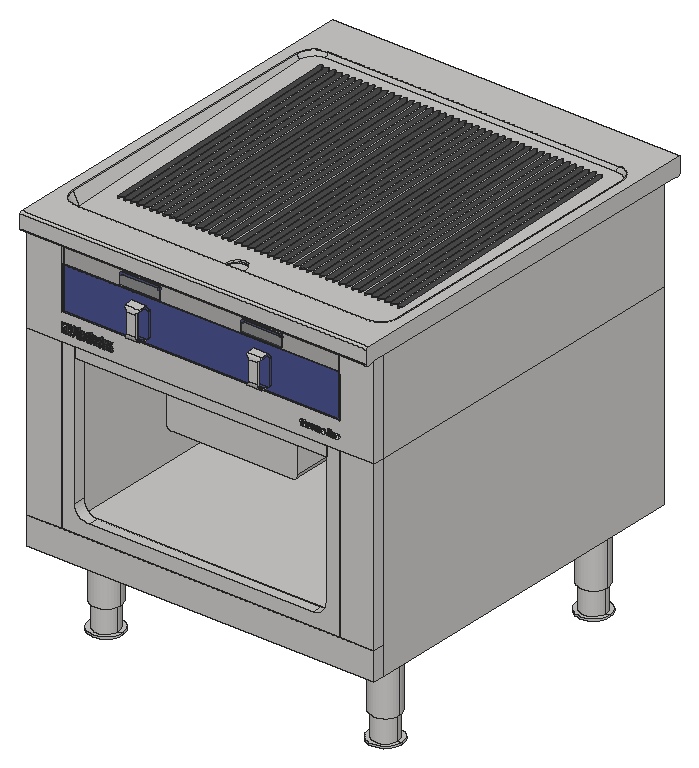
Revit family "QF_ELECTROLUXPROFESSIONAL_589839_MCH1EAH1DM", category Attrezzature speciali, Revit 2021 (continued)
Definition of nested family "Front_Panel_W800_2 Knobs"
  Definition of nested family "ELX_Professional_Logo_Small"
    Forms (mm)
      Extrusion 2, solid, material <- "Material_Logo"
        sketch origin (15.5, 0, 0) x (1, 0, 0) y (0, 1, 0)
          loop
            line (-74.986, -10.814) -> (-53.322, -10.814) -> (-53.322, 10.82) -> (-74.986, 10.82) -> (-74.986, -10.814)
          loop
            line (-61.261, 9.758) -> (-61.261, -9.707)
            arc (-61.261, -9.707) -> (-54.066, 0.025) -> (-61.261, 9.758) r 10.18
          loop
            line (-62.251, 8.349) -> (-62.251, 9.758)
            arc (-62.251, 9.758) -> (-70.347, 7.918) -> (-74.247, 0.59) r 9.976
            line (-74.247, 0.59) -> (-71.026, 0.59)
            arc (-71.026, 0.59) -> (-65.274, 2.925) -> (-62.251, 8.349) r 9.351
          loop
            arc (-74.247, -0.539) -> (-70.353, -7.928) -> (-62.251, -9.957) r 10.237
            line (-62.251, -9.957) -> (-62.251, -8.298)
            arc (-62.251, -8.298) -> (-65.274, -2.874) -> (-71.026, -0.539) r 9.351
            line (-71.026, -0.539) -> (-74.247, -0.539)
        from 0 to 1.644
    Dimensions and locks
      aligned and locked: plane 2 to Extrusion 1
      aligned and locked: level to Extrusion 1
Definition of nested family "Rib_D12"
  Parameters
    Show Clearance [instance] = yes
    Model = ""
    Lenght [instance] = 588 mm
    Default Elevation = 0 mm
  Reference planes
    plane 1 "Center (Front/Back)": y = -11.07
    plane 2: z = 0
    plane 3 "Center (Left/Right)": x = 0
    plane 4 "Back": y = 282.93
    plane 5 "Front": y = -305.07
  Forms (mm)
    Extrusion 1, solid
      sketch origin (0, -919.2, 0) x (1, 0, 0) y (0, 1, 0)
        loop
          line (-198.75, 1399.2) -> (-198.75, 386.445) -> (165.741, 386.445) -> (165.741, 1399.2) -> (-198.75, 1399.2)
      from 0 to -59.546
    Extrusion 2, solid
      sketch origin (0, -11.07, -267.484) x (1, 0, 0) y (0, 0, 1)
        loop
          line (-6, 267.484) -> (6, 267.484)
          arc (6, 267.484) -> (0, 269.184) -> (-6, 267.484) r 11.438
      from -294 to 294
    Extrusion 3, void
      sketch origin (0, 0, 0) x (1, 0, 0) y (0, 1, 0)
        loop
          line (-6, 274.93) -> (-2.484, 281.02)
          arc (-2.484, 281.02) -> (0, 282.454) -> (2.484, 281.02) r 2.868
          line (2.484, 281.02) -> (6, 274.93) -> (6, 282.93) -> (-6, 282.93) -> (-6, 274.93)
        loop
          line (-6, -297.07) -> (-6, -305.07) -> (6, -305.07) -> (6, -297.07) -> (2.484, -303.16)
          arc (2.484, -303.16) -> (0, -304.594) -> (-2.484, -303.16) r 2.868
          line (-2.484, -303.16) -> (-6, -297.07)
      from 0 to 2
  Cuts and joins
    Extrusion 3 cuts Extrusion 2
  Lines and regions (mm)
    symbolic lines
      curve 1: line (64.247, -11.07, 0) -> (64.247, -11.07, 4)
      curve 2: line (64.247, -11.07, 4) -> (-64.765, -11.07, 4)
      curve 3: line (-64.765, -11.07, 4) -> (-64.765, -11.07, 0)
      curve 4: line (-40, -11.07, 8) -> (-40, -11.07, 4)
      curve 5: line (40, -11.07, 8) -> (40, -11.07, 4)
      curve 6: line (40, -11.07, 8) -> (-40, -11.07, 8)
      curve 7: line (6, -297.07, 0) -> (6, 274.93, 0)
      curve 8: line (-6, 274.93, 0) -> (-6, -297.07, 0)
      curve 9: line (-6, 274.93, 0) -> (-2.484, 281.02, 0)
      curve 10: line (2.484, 281.02, 0) -> (6, 274.93, 0)
      curve 11: arc (-2.484, 281.02, 0) -> (0, 282.454, 0) -> (2.484, 281.02, 0) r 2.868
      curve 12: line (-2.484, -303.16, 0) -> (-6, -297.07, 0)
      curve 13: arc (2.484, -303.16, 0) -> (0, -304.594, 0) -> (-2.484, -303.16, 0) r 2.868
      curve 14: line (6, -297.07, 0) -> (2.484, -303.16, 0)
  Dimensions and locks
    "Lenght": plane 4 "Back" to plane 5 "Front"
    equal spacing: plane 4 "Back", plane 1 "Center (Front/Back)", plane 5 "Front"
    aligned and locked: plane 2 to Extrusion 1
    aligned and locked: level to Extrusion 1
    aligned and locked: plane 4 "Back" to Extrusion 2
    aligned and locked: Extrusion 2 to plane 5 "Front"
  Automatic sketch dimensions
    curve 3 to level = 0 mm
    curve 1 to level = 0 mm
    level to curve 3 = 4 mm
    curve 3 to plane 3 "Center (Left/Right)" = 64.765 mm
    level to curve 6 = 8 mm
    curve 2 to curve 6 = 24.765 mm
    plane 3 "Center (Left/Right)" to curve 5 = 40 mm
    curve 5 to curve 1 = 24.247 mm
    Extrusion 1 sketch curve to Extrusion 1 sketch curve = 364.491 mm
    Extrusion 1 sketch curve to Extrusion 1 sketch curve = 1012.755 mm
    Extrusion 3 sketch curve to plane 3 "Center (Left/Right)" = 0 mm  (x2)
    Extrusion 3 sketch curve to plane 3 "Center (Left/Right)" = 2.484 mm  (x2)
    Extrusion 3 sketch curve to plane 3 "Center (Left/Right)" = 6 mm
    Extrusion 3 sketch curve to Extrusion 3 sketch curve = 3.516 mm  (x2)
    plane 3 "Center (Left/Right)" to Extrusion 3 sketch curve = 2.484 mm  (x2)
    plane 3 "Center (Left/Right)" to Extrusion 3 sketch curve = 6 mm
    plane 5 "Front" to Extrusion 3 sketch curve = 0 mm
    Extrusion 3 sketch curve to Extrusion 3 sketch curve = 1.91 mm  (x2)
    Extrusion 3 sketch curve to Extrusion 3 sketch curve = 1.434 mm  (x2)
    Extrusion 3 sketch curve to Extrusion 3 sketch curve = 6.09 mm  (x2)
    Extrusion 3 sketch curve to plane 4 "Back" = 8 mm
    Extrusion 3 sketch curve to Extrusion 3 sketch curve = 0 mm
    Extrusion 3 sketch curve to Extrusion 3 sketch curve = 4.656 mm
    curve 9 to plane 3 "Center (Left/Right)" = 6 mm
    curve 8 to plane 4 "Back" = 8 mm
    curve 9 to plane 3 "Center (Left/Right)" = 2.484 mm
    plane 3 "Center (Left/Right)" to curve 7 = 6 mm
    plane 5 "Front" to curve 8 = 8 mm
    plane 5 "Front" to curve 7 = 8 mm
    curve 7 to plane 4 "Back" = 8 mm
    curve 9 to plane 4 "Back" = 1.91 mm
    plane 3 "Center (Left/Right)" to curve 10 = 2.484 mm
    curve 10 to plane 4 "Back" = 1.91 mm
    curve 11 to curve 9 = 1.434 mm
    curve 12 to plane 3 "Center (Left/Right)" = 2.484 mm
    plane 5 "Front" to curve 12 = 1.91 mm
    curve 13 to plane 3 "Center (Left/Right)" = 0 mm
    curve 13 to curve 13 = 1.434 mm
    plane 5 "Front" to curve 13 = 1.91 mm
    Extrusion 2 sketch curve to plane 3 "Center (Left/Right)" = 0 mm
    Extrusion 2 sketch curve to plane 3 "Center (Left/Right)" = 6 mm
    Extrusion 2 sketch curve to level = 9.738 mm
    Extrusion 2 sketch curve to Extrusion 2 sketch curve = 9.738 mm
Definition of nested family "QF_ELECTROLUXPROFESSIONAL_589840_BASE"
  Parameters
    Weight in Pounds = 143.3
    URL Cutsheet = ""
    Type Mark [instance] = ""
    Specification by User [instance] = ""
    Specification by Manufacturer = ""
    Serial Number = ""
    Seismic Rating = ""
    SMACNA No = ""
    Revision Code [instance] = ""
    Default Elevation = 0 mm
    Omniclass Number and Title = ""
    NAFEM Spec ID Number = ""
    Model = "588643"
    Masterspec = ""
    Manufacturer = "Electrolux Professional"
    Item Number [instance] = ""
    Installed By [instance] = ""
    Identify Quantity as Lot [instance] = yes
    Furnished By [instance] = ""
    Foodservice Equipment Identifier [instance] = yes
    Description = ""
    CSI MasterFormat = ""
    CSI Master Format = ""
  Reference planes
    plane 1 "BACK": y = 0
    plane 2: z = 0
    plane 3 "LEFT": x = 0
    plane 4 "RIGHT": x = 800
    plane 5 "FRONT": y = -900
    plane 6 "PLAIN": z = 900
    plane 7 "Center (Left/Right)": x = 400
    plane 8 "Center (Front/Back)": y = -450
    plane 9 "TOP": z = 650
    plane 10 "BASE": z = 200
    plane 11: x = 722
    plane 12: x = 78
    plane 13 "Feet_back": y = -150
    plane 14 "Feet_Front": y = -770
    plane 15: x = 80
    plane 16: x = 720
    plane 17: z = 265
    plane 18: y = -45
    plane 19: y = -855
    plane 20: y = -70
    plane 21: y = -880
    plane 22 "ButtonZ": z = 590
  Forms (mm)
    Extrusion 1, solid
      sketch origin (0, 0, 650) x (0, 1, 0) y (0, 0, 1)
        loop
          line (-45, -450) -> (-45, 0) -> (-855, 0) -> (-855, -450) -> (-45, -450)
      from 0 to 800
    Extrusion 2, solid
      sketch origin (0, 0, 650) x (0, 1, 0) y (0, 0, 1)
        loop
          line (-880, -450) -> (-855, -450) -> (-855, -385) -> (-880, -385) -> (-880, -450)
      from 0 to 800
    Extrusion 3, void
      sketch origin (0, -900, 0) x (1, 0, 0) y (0, 0, 1)
        loop
          line (80, 650) -> (80, 265) -> (720, 265) -> (720, 650) -> (80, 650)
      from 0 to -830
    Extrusion 4, solid
      sketch origin (0, -900, 0) x (1, 0, 0) y (0, 0, 1)
        loop
          line (110, 650) -> (110, 627) -> (690, 627) -> (690, 650) -> (110, 650)
      from -20 to -855
    Extrusion 5, solid
      sketch origin (0, -900, 0) x (1, 0, 0) y (0, 0, 1)
        loop
          line (80, 650) -> (80, 265) -> (720, 265) -> (720, 650) -> (690, 650) -> (690, 295) -> (110, 295) -> (110, 650) -> (80, 650)
      from -45 to -830
    Extrusion 6, solid
      sketch origin (0, -900, 0) x (1, 0, 0) y (0, 0, 1)
        loop
          line (0, 650) -> (0, 265) -> (80, 265) -> (80, 650) -> (0, 650)
      from -20 to -45
    Extrusion 7, solid
      sketch origin (0, -900, 0) x (1, 0, 0) y (0, 0, 1)
        loop
          line (720, 650) -> (720, 265) -> (800, 265) -> (800, 650) -> (720, 650)
      from -20 to -45
    Extrusion 8, solid
      sketch origin (85, -900, 0) x (1, 0, 0) y (0, 0, 1)
        loop
          line (25, 327) -> (25, 650) -> (-5, 650) -> (-5, 265) -> (635, 265) -> (635, 650) -> (605, 650) -> (605, 327)
          arc (605, 327) -> (595.627, 304.373) -> (573, 295) r 32
          line (573, 295) -> (57, 295)
          arc (57, 295) -> (34.373, 304.373) -> (25, 327) r 32
      from -20 to -45
  Cuts and joins
    Extrusion 3 cuts Extrusion 1
    joined: Extrusion 1, Extrusion 4, Extrusion 5
  Lines and regions (mm)
    symbolic lines
      curve 1: line (0, 0, 0) -> (800, 0, 0)
      curve 2: line (0, -900, 0) -> (0, 0, 0)
      curve 3: line (800, -900, 0) -> (0, -900, 0)
      curve 4: line (800, 0, 0) -> (800, -900, 0)
  Dimensions and locks
    plane 3 "LEFT" to plane 4 "RIGHT" = 800 mm
    plane 5 "FRONT" to plane 1 "BACK" = 900 mm
    equal spacing: plane 3 "LEFT", plane 7 "Center (Left/Right)", plane 4 "RIGHT"
    equal spacing: plane 5 "FRONT", plane 8 "Center (Front/Back)", plane 1 "BACK"
    plane 6 "PLAIN" to plane 9 "TOP" = 250 mm
    plane 10 "BASE" to level = 200 mm
    plane 9 "TOP" to plane 10 "BASE" = 450 mm
    locked: plane 1 "BACK" to plane 13 "Feet_back" at 150
    locked: plane 14 "Feet_Front" to plane 5 "FRONT" at 130
    locked: plane 12 to plane 3 "LEFT" at 78
    locked: plane 11 to plane 4 "RIGHT" at 78
    plane 16 to plane 15 = 640 mm
    equal spacing: plane 16, plane 7 "Center (Left/Right)", plane 15
    locked: plane 17 to plane 10 "BASE" at 65
    locked: plane 1 "BACK" to plane 18 at 45
    plane 9 "TOP" to Extrusion 4 sketch curve = 23 mm
    locked: Extrusion 4 sketch curve to plane 15 at 30
    locked: plane 16 to Extrusion 4 sketch curve at 30
    locked: Extrusion 5 sketch curve to plane 17 at 30
    plane 6 "PLAIN" to level = 900 mm
    Extrusion 5 to Extrusion 5 = 580 mm
    locked: plane 18 to plane 20 at 25
    locked: plane 21 to plane 5 "FRONT" at 20
    locked: plane 19 to plane 21 at 25
    plane 18 to plane 21 = 835 mm
    plane 22 "ButtonZ" to level = 590 mm
    aligned and locked: level to plane 2
    aligned and locked: Extrusion 1 to plane 4 "RIGHT"
    aligned and locked: Extrusion 1 to plane 3 "LEFT"
    aligned and locked: Extrusion 2 to plane 4 "RIGHT"
    aligned and locked: plane 9 "TOP" to Extrusion 3 sketch curve
    aligned and locked: Extrusion 3 sketch curve to plane 15
    aligned and locked: plane 16 to Extrusion 3 sketch curve
    aligned and locked: Extrusion 2 to plane 10 "BASE"
    aligned and locked: Extrusion 2 to plane 17
    aligned and locked: plane 17 to Extrusion 3 sketch curve
    aligned and locked: Extrusion 4 to plane 18
    aligned and locked: Extrusion 5 sketch curve to plane 15
    aligned and locked: plane 16 to Extrusion 5 sketch curve
    aligned and locked: plane 9 "TOP" to Extrusion 5 sketch curve  (x2)
    aligned and locked: plane 17 to Extrusion 5 sketch curve
    aligned and locked: Extrusion 5 sketch curve to Extrusion 4  (x2)
    aligned and locked: Extrusion 6 sketch curve to plane 9 "TOP"
    aligned and locked: plane 3 "LEFT" to Extrusion 6 sketch curve
    aligned and locked: Extrusion 6 sketch curve to plane 17
    aligned and locked: Extrusion 6 sketch curve to plane 15
    aligned and locked: Extrusion 7 sketch curve to plane 9 "TOP"
    aligned and locked: plane 16 to Extrusion 7 sketch curve
    aligned and locked: Extrusion 7 sketch curve to plane 17
    aligned and locked: plane 4 "RIGHT" to Extrusion 7 sketch curve
    aligned and locked: Extrusion 5 to plane 20
    aligned and locked: cut or joined group of Extrusion 1, Extrusion 3, Extrusion 4, Extrusion 5 to plane 20
    aligned and locked: cut or joined group of Extrusion 1, Extrusion 3, Extrusion 4, Extrusion 5 to plane 18
    aligned and locked: Extrusion 6 to plane 19
    aligned and locked: plane 21 to Extrusion 6
    aligned and locked: plane 21 to Extrusion 7
    aligned and locked: Extrusion 7 to plane 19
    aligned and locked: Extrusion 2 to plane 19
    aligned and locked: plane 21 to Extrusion 2
    aligned and locked: plane 19 to cut or joined group of Extrusion 1, Extrusion 3, Extrusion 4, Extrusion 5
    aligned and locked: plane 21 to cut or joined group of Extrusion 1, Extrusion 3, Extrusion 4, Extrusion 5
  Automatic sketch dimensions
    curve 3 to plane 3 "LEFT" = 0 mm
    curve 3 to plane 4 "RIGHT" = 0 mm
    plane 5 "FRONT" to curve 3 = 0 mm
    plane 1 "BACK" to curve 2 = 0 mm
    Extrusion 1 sketch curve to plane 10 "BASE" = 0 mm
    plane 19 to Extrusion 1 sketch curve = 0 mm
    Extrusion 1 sketch curve to plane 18 = 0 mm
    Extrusion 1 sketch curve to plane 9 "TOP" = 0 mm
    plane 17 to Extrusion 2 sketch curve = 0 mm
    Extrusion 2 sketch curve to plane 21 = 0 mm
    Extrusion 2 sketch curve to plane 10 "BASE" = 0 mm
    Extrusion 2 sketch curve to plane 19 = 0 mm
    Extrusion 4 sketch curve to plane 9 "TOP" = 0 mm
    Extrusion 8 sketch curve to plane 15 = 0 mm
    Extrusion 8 sketch curve to plane 9 "TOP" = 0 mm  (x2)
    Extrusion 8 sketch curve to plane 16 = 0 mm
    Extrusion 8 sketch curve to plane 17 = 0 mm
    plane 15 to Extrusion 8 sketch curve = 30 mm
    Extrusion 8 sketch curve to Extrusion 8 sketch curve = 32 mm
    Extrusion 8 sketch curve to plane 16 = 62 mm
    Extrusion 8 sketch curve to Extrusion 8 sketch curve = 30 mm
    Extrusion 8 sketch curve to plane 17 = 30 mm
Definition of nested family "FEET200_MARINE"
  Parameters (values of type "FEET200_MARINE")
    Default Elevation = 0 mm
    FEET = 200 mm
  Reference planes
    plane 1 "Center (Front/Back)": y = 0
    plane 2: z = 0
    plane 3 "Center (Left/Right)": x = 0
    plane 4: z = 200
  Forms (mm)
    Revolve 1, solid
      sketch origin (0, 0, 0) x (1, 0, 0) y (0, 0, 1)
        loop
          line (0, 200) -> (-38, 200) -> (-38, 196) -> (-33, 196) -> (-33, 59) -> (-28, 59) -> (-28, 4) -> (-38, 4) -> (-38, 0) -> (0, 0) -> (0, 200)
        axis (0, 0) -> (0, 200)
      angle from 0 to 360
  Lines and regions (mm)
    symbolic lines
      curve 1: line (0, -1.503, 0) -> (0, 1.508, 0)
      curve 2: line (1.561, 0, 0) -> (-1.439, 0, 0)
  Dimensions and locks
    "FEET": plane 4 to plane 2
    aligned and locked: level to plane 2
  Automatic sketch dimensions
    plane 1 "Center (Front/Back)" to curve 2 = 0 mm
    curve 1 to plane 3 "Center (Left/Right)" = 0 mm
    curve 2 to plane 3 "Center (Left/Right)" = 1.439 mm
    plane 3 "Center (Left/Right)" to curve 2 = 1.561 mm
    plane 1 "Center (Front/Back)" to curve 1 = 1.503 mm
    curve 1 to plane 1 "Center (Front/Back)" = 1.508 mm
    Revolve 1 sketch curve to plane 4 = 0 mm
    Revolve 1 sketch curve to level = 0 mm  (x2)
    Revolve 1 sketch curve to plane 3 "Center (Left/Right)" = 0 mm  (x2)
    Revolve 1 sketch curve to plane 3 "Center (Left/Right)" = 28 mm
    Revolve 1 sketch curve to Revolve 1 sketch curve = 5 mm  (x2)
    level to Revolve 1 sketch curve = 4 mm
    Revolve 1 sketch curve to Revolve 1 sketch curve = 10 mm
    Revolve 1 sketch curve to Revolve 1 sketch curve = 55 mm
    plane 4 to Revolve 1 sketch curve = 40 mm
    Revolve 1 sketch curve to plane 4 = 4 mm
